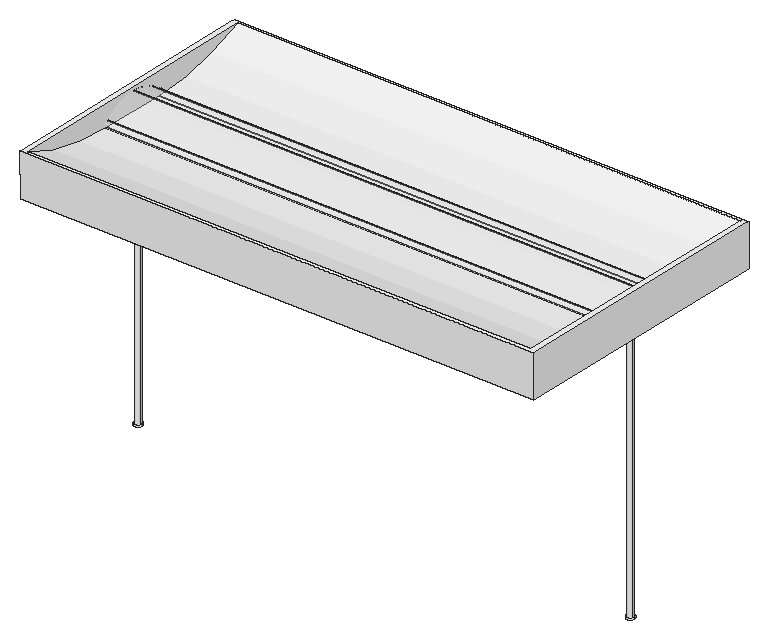
Revit family "LCAT-CM", category Lighting Fixtures, host Face, Revit 2012
Parameters (values of type "LCAT-CM-24")
  zz Length = Row Length - 0.083333 ft  # 3.916667 ft
  Width = 2.083333 ft
  Warranty = "Five year warranty"  # constant formula
  Voltage = 120 V
  Suspension Height = 2.000 ft
  Wattage Comments = "40-80 W"  # constant formula
  URL = "http://www.columbialighting.com/"
  Product Page URL = "http://www.columbialighting.com/products/lcat"
  Product Documentation Link = "http://cdn.columbialighting.com/content/products/specs/specs_files/lcat24.pdf"
  Photometric Web = Web LCAT : LCAT24-35LWG-EDU
  Model = "LCAT-CM-24"
  Manufacturer Phone = "(864)-678-1000"  # constant formula
  Manufacturer Fax = "(866)-898-1065"  # constant formula
  Manufacturer = "Columbia Lighting"  # constant formula
  Row Length = 4.000 ft
  Load Classification = Lighting
  Lamp = "LED Lamp"  # constant formula
  Light Bulb = Hubbell - White Glass
  Description = "LCAT provides both design and value with an architectural appearance, LED technology to reduce maintenance and a wide range of options for classrooms, offices, retail and health care applications"  # constant formula
  Default Elevation = 4.000 ft
  Backbox = Hubbell - White
  Apparent Load = 0 VA
Types (4, lengths in ft): name | zz Length | Width | Product Documentation Link | Photometric Web | Model | Row Length | Load Classification
  (no name) | 3.916667 | 2.083333 | "http://cdn.columbialighting.com/content/products/specs/specs_files/lcat24.pdf" | Web LCAT : LCAT24-35LWG-EDU | "LCAT-CM-24" | 4.000 | Lighting
  LCAT-CM-14 | 3.916667 | 1.000 | "http://cdn.columbialighting.com/content/products/specs/specs_files/lcat14.pdf" | Web LCAT : LCAT14-30HLG-EDU | "LCAT-CM-14" | 4.000 | Lighting
  LCAT-CM-22 | 1.916667 | 1.979167 | "http://cdn.columbialighting.com/content/products/specs/specs_files/lcat22.pdf" | Web LCAT : LCAT22-50HLG-EDU | "LCAT-CM-22" | 2.000 | Other
  LCAT-CM-24 | 3.916667 | 2.083333 | "http://cdn.columbialighting.com/content/products/specs/specs_files/lcat24.pdf" | Web LCAT : LCAT24-35LWG-EDU | "LCAT-CM-24" | 4.000 | Lighting
Reference planes (ft)
  plane 1 "Center (Front/Back)": y = 0.003333
  plane 2: z = 0
  plane 3 "Center (Left/Right)": x = 0.13912
  plane 4: x = -1.86088
  plane 5: x = 2.13912
  plane 6: z = 2
  plane 7: x = -1.777546
  plane 8: x = 2.055787
Forms (ft)
  Revolve 1, solid, material "Hubbell - White" <- "Backbox"
    sketch origin (0, 0.003333, 0) x (1, 0, 0) y (0, 0, 1)
      loop
        line (-1.777546, 2) -> (-1.777546, 0) -> (-1.747546, 0) -> (-1.747546, 0.008333) -> (-1.757546, 0.008333) -> (-1.757546, 1.991667) -> (-1.747546, 1.991667) -> (-1.747546, 2) -> (-1.777546, 2)
      axis (-1.777546, 2) -> (-1.777546, 0)
    angle from 0 to 360
  Revolve 2, solid, material "Hubbell - White" <- "Backbox"
    sketch origin (0, 0.003333, 0) x (1, 0, 0) y (0, 0, 1)
      loop
        line (2.055787, 2) -> (2.055787, 0) -> (2.085787, 0) -> (2.085787, 0.008333) -> (2.075787, 0.008333) -> (2.075787, 1.991667) -> (2.085787, 1.991667) -> (2.085787, 2) -> (2.055787, 2)
      axis (2.055787, 2) -> (2.055787, 0)
    angle from 0 to 360
Dimensions and locks (ft)
  equal spacing: plane 5, plane 3 "Center (Left/Right)", plane 4
  "Suspension Height": plane 6 to level
  equal spacing: plane 8, plane 3 "Center (Left/Right)", plane 7
  locked: plane 7 to plane 4 at 0.083333
  "Row Length": plane 5 to plane 4
  locked: Revolve 1 sketch curve to level at 0.008333
  locked: plane 6 to Revolve 2 sketch curve at 0.008333
  locked: plane 8 to Revolve 2 sketch curve at 0.02
  locked: Revolve 2 sketch curve to Revolve 2 sketch curve at 0.03
  locked: plane 8 to Revolve 2 sketch curve at 0.03
  locked: Revolve 2 sketch curve to plane 2 at 0.008333
  locked: Revolve 1 sketch curve to plane 7 at 0.02
  Revolve 1 sketch curve to plane 2 = 0.008333 ft
  locked: plane 7 to Revolve 1 sketch curve at 0.03
  locked: Revolve 1 sketch curve to plane 7 at 0.03
  aligned and locked: plane 2 to host face
  aligned and locked: level to host face
  aligned and locked: Revolve 1 sketch curve to plane 7
  aligned and locked: Revolve 1 sketch curve to plane 6
  aligned and locked: host face to Revolve 1 sketch curve
  aligned and locked: Revolve 1 sketch curve to Revolve 1 sketch curve
  aligned and locked: Revolve 2 sketch curve to Revolve 2 sketch curve
  aligned and locked: plane 8 to Revolve 2 sketch curve
  aligned and locked: plane 3 "Center (Left/Right)" to nested 1
  aligned and locked: plane 1 "Center (Front/Back)" to nested 1
  aligned and locked: plane 3 "Center (Left/Right)" to nested 2
  aligned and locked: plane 1 "Center (Front/Back)" to nested 2
  aligned and locked: plane 2 to Revolve 2 sketch curve
  aligned and locked: Revolve 2 sketch curve to plane 6
Automatic sketch dimensions
  host sketch curve to host sketch curve = 8.000 ft  (x2)
  Revolve 1 sketch curve to plane 6 = 0.008333 ft
  Revolve 1 sketch curve to level = 0.666667 ft
  Revolve 1 sketch curve to Revolve 1 sketch curve = 0.208333 ft
  plane 8 to Revolve 2 sketch curve = 0.000 ft
  Revolve 2 sketch curve to Revolve 2 sketch curve = 0.666667 ft
  Revolve 2 sketch curve to Revolve 2 sketch curve = 0.208333 ft
Nested families (ft)
  nested 1: "LED Contemporary Architectural Troffer" at (0.13912, 0.003333, 2), Glass <- "Light Bulb", Finish <- "Backbox", Row Length <- "Row Length", Width <- "Width", type "LED Contemporary Architectural Troffer"
    with Width 2.083333 ft, Row Length 4.000 ft, Height 0.333333 ft, Glass Hubbell - White Glass, Finish Hubbell - White
  nested 2: "Web LCAT" at (0.142453, 0.023246, 2.166667) x (0, 1, 0) z (0, 0, 1), type <- "Photometric Web", type "LCAT24-35LWG-EDU"
Connectors (ft)
  electrical at (2.055787, 0.003333, 2), driven by "Voltage", driven by "Description", driven by "Apparent Load", driven by "Load Classification"
    settings: on Revolve 2, index 1, voltage 120 V, apparent load 0 VA, apparent load phase1 0 VA, apparent load phase2 0 VA, apparent load phase3 0 VA, power factor 1, load classification "Lighting", number of poles 1, system type 30, power factor state 1, is connector primary yes, connector utility no, sub classification motor no, connector description "LCAT provides both design and value with an architectural appearance, LED technology to reduce maintenance and a wide range of options for classrooms, offices, retail and health care applications"
Definition of nested family "LED Contemporary Architectural Troffer"
  Parameters (values of type "LED Contemporary Architectural Troffer")
    Width [instance] = 2.000 ft
    Row Length [instance] = 2.000 ft
    Height [instance] = 0.333333 ft
    Glass [instance] = none
    Finish [instance] = none
    Default Elevation = 4.000 ft
  Reference planes (ft)
    plane 1 "Center (Front/Back)": y = 0
    plane 2: z = 0
    plane 3 "Center (Left/Right)": x = 0
    plane 4: x = 1
    plane 5: x = -1
    plane 6: y = -1
    plane 7: y = 1
    plane 8: z = 0.333333
    plane 9: x = -0.958333
    plane 10: x = 0.958333
    plane 11: y = -0.25
    plane 12: y = 0.25
    plane 13: z = 0.166667
    plane 14: y = -0.979167
    plane 15: y = 0.979167
    plane 16: z = 0.020833
  Forms (ft)
    Extrusion 1, solid
      sketch origin (0, 0, 0) x (1, 0, 0) y (0, 1, 0)
        loop
          line (-4, 4) -> (-4, -4) -> (4, -4) -> (4, 4) -> (-4, 4)
      from 0 to -1
    Extrusion 2, solid, material <- "Glass"
      sketch origin (0, 0, 0) x (0, 1, 0) y (0, 0, 1)
        loop
          arc (-0.25045, 0.166667) -> (-0.271283, 0.1875) -> (-0.25045, 0.208333) r 0.020833
          arc (-0.25045, 0.208333) -> (-0.135194, 0.283596) -> (0, 0.309496) r 0.355919
          arc (0, 0.309496) -> (0.135194, 0.283596) -> (0.25045, 0.208333) r 0.355919
          arc (0.25045, 0.208333) -> (0.271283, 0.1875) -> (0.25045, 0.166667) r 0.020833
          line (0.25045, 0.166667) -> (0.25045, 0.158186)
          arc (0.25045, 0.158186) -> (0.279683, 0.187419) -> (0.25045, 0.216651) r 0.029233
          arc (0.25045, 0.216651) -> (0.134867, 0.290829) -> (0, 0.316769) r 0.363081
          arc (0, 0.316769) -> (-0.134867, 0.290829) -> (-0.25045, 0.216651) r 0.363081
          arc (-0.25045, 0.216651) -> (-0.279683, 0.187419) -> (-0.25045, 0.158186) r 0.029233
          line (-0.25045, 0.158186) -> (-0.25045, 0.166667)
      from -0.958333 to 0.958333
    Extrusion 3, solid, material <- "Finish"
      sketch origin (0, 0, 0) x (0, 1, 0) y (0, 0, 1)
        loop
          line (-1, 0.333333) -> (-1, 0) -> (1, 0) -> (1, 0.333333) -> (-1, 0.333333)
      from 0.958333 to 1
    Extrusion 4, solid, material <- "Finish"
      sketch origin (0, 0, 0) x (0, 1, 0) y (0, 0, 1)
        loop
          line (1, 0.333333) -> (-1, 0.333333) -> (-1, 0) -> (1, 0) -> (1, 0.333333)
      from -1 to -0.958333
    Extrusion 5, solid, material <- "Finish"
      sketch origin (0, 0, 0) x (0, 1, 0) y (0, 0, 1)
        loop
          line (-1, 0) -> (1, 0) -> (1, 0.333333) -> (0.979167, 0.333333) -> (0.979167, 0.020833) -> (-0.979167, 0.020833) -> (-0.979167, 0.333333) -> (-1, 0.333333) -> (-1, 0)
      from -0.958333 to 0.958333
    Extrusion 6, solid, material <- "Finish"
      sketch origin (0, 0, 0) x (0, 1, 0) y (0, 0, 1)
        loop
          arc (-0.25, 0.166667) -> (-0.623986, 0.208864) -> (-0.979167, 0.333333) r 1.678385
          line (-0.979167, 0.333333) -> (-0.979167, 0.020833) -> (0.979167, 0.020833) -> (0.979167, 0.333333)
          arc (0.979167, 0.333333) -> (0.623986, 0.208864) -> (0.25, 0.166667) r 1.678385
          line (0.25, 0.166667) -> (-0.25, 0.166667)
      from -1 to 1
  Cuts and joins
    joined: Extrusion 3, Extrusion 4, Extrusion 5, Extrusion 6
  Dimensions and locks (ft)
    equal spacing: plane 4, plane 3 "Center (Left/Right)", plane 5
    "Row Length": plane 4 to plane 5
    equal spacing: plane 6, plane 1 "Center (Front/Back)", plane 7
    "Width": plane 6 to plane 7
    "Height": plane 8 to plane 2
    equal spacing: plane 10, plane 3 "Center (Left/Right)", plane 9
    locked: plane 9 to plane 5 at 0.041667
    equal spacing: plane 11, plane 1 "Center (Front/Back)", plane 12
    locked: plane 11 to plane 1 "Center (Front/Back)" at 0.25
    locked: plane 6 to plane 14 at 0.020833
    equal spacing: plane 14, plane 1 "Center (Front/Back)", plane 15
    locked: plane 16 to level at 0.020833
    level to Extrusion 5 = 0.333333 ft
    aligned and locked: plane 2 to Extrusion 1
    aligned and locked: level to Extrusion 1
    aligned and locked: Extrusion 2 to plane 10
    aligned and locked: Extrusion 2 to plane 9
    aligned and locked: plane 8 to Extrusion 3 sketch curve
    aligned and locked: plane 6 to Extrusion 3 sketch curve
    aligned and locked: level to Extrusion 3 sketch curve
    aligned and locked: Extrusion 3 sketch curve to plane 7
    aligned and locked: plane 4 to Extrusion 3
    aligned and locked: plane 10 to Extrusion 3
    aligned and locked: Extrusion 4 sketch curve to Extrusion 3  (x4)
    aligned and locked: Extrusion 4 to plane 5
    aligned and locked: plane 9 to Extrusion 4
    aligned and locked: Extrusion 5 sketch curve to Extrusion 3  (x4)
    aligned and locked: plane 8 to Extrusion 5 sketch curve
    aligned and locked: Extrusion 5 sketch curve to plane 14
    aligned and locked: plane 16 to Extrusion 5 sketch curve
    aligned and locked: Extrusion 5 sketch curve to plane 15
    aligned and locked: Extrusion 5 to plane 10
    aligned and locked: Extrusion 5 to plane 9
    aligned and locked: plane 13 to Extrusion 6 sketch curve
    aligned and locked: plane 12 to Extrusion 6 sketch curve
    aligned and locked: plane 11 to Extrusion 6 sketch curve
    aligned and locked: Extrusion 6 sketch curve to plane 14
    aligned and locked: plane 16 to Extrusion 6 sketch curve
    aligned and locked: Extrusion 6 sketch curve to plane 15
    aligned and locked: plane 4 to Extrusion 6
    aligned and locked: Extrusion 6 to plane 5
  Automatic sketch dimensions
    Extrusion 1 sketch curve to Extrusion 1 sketch curve = 8.000 ft  (x2)
    plane 13 to Extrusion 2 sketch curve = 0.000 ft  (x2)
    Extrusion 2 sketch curve to plane 1 "Center (Front/Back)" = 0.000 ft  (x2)
    plane 1 "Center (Front/Back)" to Extrusion 2 sketch curve = 0.000094 ft
    Extrusion 2 sketch curve to Extrusion 2 sketch curve = 0.0018 ft  (x2)
    Extrusion 2 sketch curve to plane 11 = 0.00045 ft
    Extrusion 2 sketch curve to plane 1 "Center (Front/Back)" = 0.000094 ft
    Extrusion 2 sketch curve to plane 12 = 0.00045 ft
    plane 13 to Extrusion 2 sketch curve = 0.008481 ft  (x2)
    Extrusion 2 sketch curve to level = 0.046313 ft
    Extrusion 2 sketch curve to Extrusion 2 sketch curve = 0.000 ft
    Extrusion 2 sketch curve to Extrusion 2 sketch curve = 0.000105 ft  (x2)
    Extrusion 2 sketch curve to Extrusion 2 sketch curve = 0.020752 ft
    Extrusion 2 sketch curve to Extrusion 2 sketch curve = 0.000081 ft
    plane 8 to Extrusion 6 sketch curve = 0.000 ft  (x2)
Definition of nested family "Web LCAT"
  Parameters (values of type "LCAT24-50XLG-EDU")
    Wattage Comments = ""
    Wattage = 80 W
    built-in parameter 1150110 = 1 (stored number, unit not read)
    URL = ""
    built-in parameter 1114217 = 1 (stored number, unit not read)
    Tilt Angle = 90.00°
    built-in parameter 1150109 = 1 (stored number, unit not read)
    built-in parameter 1150134 = 2
    built-in parameter 1150113 = 1 (stored number, unit not read)
    Product Page URL = ""
    Product Documentation Link = ""
    Photometric Web File = "LCAT24-50XLG-EDU.ies"
    Model = ""
    Manufacturer Phone = ""
    Manufacturer Fax = ""
    Manufacturer = ""
    built-in parameter 1150105 = 585.69 (stored number, unit not read)
    Lumens = 7360 lm
    built-in parameter 1150115 = 1 (stored number, unit not read)
    built-in parameter 1150137 = (empty or 0)
    built-in parameter 1150139 = (empty or 0)
    built-in parameter 1150112 = 1 (stored number, unit not read)
    built-in parameter 1150114 = 1 (stored number, unit not read)
    Lamp = ""
    built-in parameter 1150132 = (empty or 0)
    built-in parameter 1150102 = (empty or 0)
    built-in parameter 1150107 = 5000 (stored number, unit not read)
    built-in parameter 1150138 = (empty or 0)
    built-in parameter 1150106 = 5.8569 (stored number, unit not read)
    Emit from Rectangle Width = 0.500 ft
    Emit from Rectangle Length = 3.916667 ft
    Emit Shape Visible in Rendering = no
    built-in parameter 1150104 = 8.5471 (stored number, unit not read)
    Dimming Lamp Color Temperature Shift = (empty or 0)
    Description = ""
    Default Elevation = 4.000 ft
    Color Filter = 16777215
    built-in parameter 1114218 = 1 (stored number, unit not read)
    built-in parameter 1150133 = 10 (stored number, unit not read)
  Types (52, lengths in ft): name | Wattage | built-in parameter 1150134 | Photometric Web File | built-in parameter 1150105 | Lumens | built-in parameter 1150107 | built-in parameter 1150106 | Emit from Rectangle Length | built-in parameter 1150104
    LCAT14-30HLG-EDU | 49 W | (empty or 0) | "LCAT14-30HLG-EDU.ies" | 382.13 (stored number, unit not read) | 4802 lm | 3000 (stored number, unit not read) | 3.8213 (stored number, unit not read) | 3.916667 | 9.1045 (stored number, unit not read)
    LCAT14-30LWG-EDU | 40 W | (empty or 0) | "LCAT14-30LWG-EDU.ies" | 321.49 (stored number, unit not read) | 4040 lm | 3000 (stored number, unit not read) | 3.2149 (stored number, unit not read) | 3.916667 | 9.3832 (stored number, unit not read)
    LCAT14-30MLG-EDU | 40 W | (empty or 0) | "LCAT14-30MLG-EDU.ies" | 337.41 (stored number, unit not read) | 4240 lm | 3000 (stored number, unit not read) | 3.3741 (stored number, unit not read) | 3.916667 | 9.8477 (stored number, unit not read)
    LCAT14-30VLG-EDU | 65 W | (empty or 0) | "LCAT14-30VLG-EDU.ies" | 506.91 (stored number, unit not read) | 6370 lm | 3000 (stored number, unit not read) | 5.0691 (stored number, unit not read) | 3.916667 | 9.1045 (stored number, unit not read)
    LCAT14-35HLG-EDU | 49 W | (empty or 0) | "LCAT14-35HLG-EDU.ies" | 382.13 (stored number, unit not read) | 4802 lm | 3500 (stored number, unit not read) | 3.8213 (stored number, unit not read) | 3.916667 | 9.1045 (stored number, unit not read)
    LCAT14-35LWG-EDU | 40 W | (empty or 0) | "LCAT14-35LWG-EDU.ies" | 321.49 (stored number, unit not read) | 4040 lm | 3500 (stored number, unit not read) | 3.2149 (stored number, unit not read) | 3.916667 | 9.3832 (stored number, unit not read)
    LCAT14-35MLG-EDU | 40 W | (empty or 0) | "LCAT14-35MLG-EDU.ies" | 337.41 (stored number, unit not read) | 4240 lm | 3500 (stored number, unit not read) | 3.3741 (stored number, unit not read) | 3.916667 | 9.8477 (stored number, unit not read)
    LCAT14-35VLG-EDU | 65 W | (empty or 0) | "LCAT14-35VLG-EDU.ies" | 506.91 (stored number, unit not read) | 6370 lm | 3500 (stored number, unit not read) | 5.0691 (stored number, unit not read) | 3.916667 | 9.1045 (stored number, unit not read)
    LCAT14-40HLG-EDU | 49 W | 12 | "LCAT14-40HLG-EDU.ies" | 382.13 (stored number, unit not read) | 4802 lm | 4000 (stored number, unit not read) | 3.8213 (stored number, unit not read) | 3.916667 | 9.1045 (stored number, unit not read)
    LCAT14-40LWG-EDU | 40 W | 12 | "LCAT14-40LWG-EDU.ies" | 321.49 (stored number, unit not read) | 4040 lm | 4000 (stored number, unit not read) | 3.2149 (stored number, unit not read) | 3.916667 | 9.3832 (stored number, unit not read)
    LCAT14-40MLG-EDU | 40 W | 12 | "LCAT14-40MLG-EDU.ies" | 337.41 (stored number, unit not read) | 4240 lm | 4000 (stored number, unit not read) | 3.3741 (stored number, unit not read) | 3.916667 | 9.8477 (stored number, unit not read)
    LCAT14-40VLG-EDU | 65 W | 12 | "LCAT14-40VLG-EDU.ies" | 506.91 (stored number, unit not read) | 6370 lm | 4000 (stored number, unit not read) | 5.0691 (stored number, unit not read) | 3.916667 | 9.1045 (stored number, unit not read)
    LCAT14-50HLG-EDU | 49 W | 2 | "LCAT14-50HLG-EDU.ies" | 382.13 (stored number, unit not read) | 4802 lm | 5000 (stored number, unit not read) | 3.8213 (stored number, unit not read) | 3.916667 | 9.1045 (stored number, unit not read)
    LCAT14-50LWG-EDU | 40 W | 2 | "LCAT14-50LWG-EDU.ies" | 321.49 (stored number, unit not read) | 4040 lm | 5000 (stored number, unit not read) | 3.2149 (stored number, unit not read) | 3.916667 | 9.3832 (stored number, unit not read)
    LCAT14-50MLG-EDU | 40 W | 2 | "LCAT14-50MLG-EDU.ies" | 337.41 (stored number, unit not read) | 4240 lm | 5000 (stored number, unit not read) | 3.3741 (stored number, unit not read) | 3.916667 | 9.8477 (stored number, unit not read)
    LCAT14-50VLG-EDU | 65 W | 2 | "LCAT14-50VLG-EDU.ies" | 506.91 (stored number, unit not read) | 6370 lm | 5000 (stored number, unit not read) | 5.0691 (stored number, unit not read) | 3.916667 | 9.1045 (stored number, unit not read)
    LCAT22-30HLG-EDU | 49 W | (empty or 0) | "LCAT22-30HLG-EDU.ies" | 382.13 (stored number, unit not read) | 4802 lm | 3000 (stored number, unit not read) | 3.8213 (stored number, unit not read) | 1.916667 | 9.1045 (stored number, unit not read)
    LCAT22-30LWG-EDU | 40 W | (empty or 0) | "LCAT22-30LWG-EDU.ies" | 321.49 (stored number, unit not read) | 4040 lm | 3000 (stored number, unit not read) | 3.2149 (stored number, unit not read) | 1.916667 | 9.3832 (stored number, unit not read)
    LCAT22-30MLG-EDU | 40 W | (empty or 0) | "LCAT22-30MLG-EDU.ies" | 337.41 (stored number, unit not read) | 4240 lm | 3000 (stored number, unit not read) | 3.3741 (stored number, unit not read) | 1.916667 | 9.8477 (stored number, unit not read)
    LCAT22-30VLG-EDU | 65 W | (empty or 0) | "LCAT22-30VLG-EDU.ies" | 506.91 (stored number, unit not read) | 6370 lm | 3000 (stored number, unit not read) | 5.0691 (stored number, unit not read) | 1.916667 | 9.1045 (stored number, unit not read)
    LCAT22-35HLG-EDU | 49 W | (empty or 0) | "LCAT22-35HLG-EDU.ies" | 382.13 (stored number, unit not read) | 4802 lm | 3500 (stored number, unit not read) | 3.8213 (stored number, unit not read) | 1.916667 | 9.1045 (stored number, unit not read)
    LCAT22-35LWG-EDU | 40 W | (empty or 0) | "LCAT22-35LWG-EDU.ies" | 321.49 (stored number, unit not read) | 4040 lm | 3500 (stored number, unit not read) | 3.2149 (stored number, unit not read) | 1.916667 | 9.3832 (stored number, unit not read)
    LCAT22-35MLG-EDU | 40 W | (empty or 0) | "LCAT22-35MLG-EDU.ies" | 337.41 (stored number, unit not read) | 4240 lm | 3500 (stored number, unit not read) | 3.3741 (stored number, unit not read) | 1.916667 | 9.8477 (stored number, unit not read)
    LCAT22-35VLG-EDU | 65 W | (empty or 0) | "LCAT22-35VLG-EDU.ies" | 506.91 (stored number, unit not read) | 6370 lm | 3500 (stored number, unit not read) | 5.0691 (stored number, unit not read) | 1.916667 | 9.1045 (stored number, unit not read)
    LCAT22-40HLG-EDU | 49 W | 12 | "LCAT22-40HLG-EDU.ies" | 382.13 (stored number, unit not read) | 4802 lm | 4000 (stored number, unit not read) | 3.8213 (stored number, unit not read) | 1.916667 | 9.1045 (stored number, unit not read)
    LCAT22-40LWG-EDU | 40 W | 12 | "LCAT22-40LWG-EDU.ies" | 321.49 (stored number, unit not read) | 4040 lm | 4000 (stored number, unit not read) | 3.2149 (stored number, unit not read) | 1.916667 | 9.3832 (stored number, unit not read)
    LCAT22-40MLG-EDU | 40 W | 12 | "LCAT22-40MLG-EDU.ies" | 337.41 (stored number, unit not read) | 4240 lm | 4000 (stored number, unit not read) | 3.3741 (stored number, unit not read) | 1.916667 | 9.8477 (stored number, unit not read)
    LCAT22-40VLG-EDU | 65 W | 12 | "LCAT22-40VLG-EDU.ies" | 506.91 (stored number, unit not read) | 6370 lm | 4000 (stored number, unit not read) | 5.0691 (stored number, unit not read) | 1.916667 | 9.1045 (stored number, unit not read)
    LCAT22-50HLG-EDU | 49 W | 2 | "LCAT22-50HLG-EDU.ies" | 382.13 (stored number, unit not read) | 4802 lm | 5000 (stored number, unit not read) | 3.8213 (stored number, unit not read) | 1.916667 | 9.1045 (stored number, unit not read)
    LCAT22-50LWG-EDU | 40 W | 2 | "LCAT22-50LWG-EDU.ies" | 321.49 (stored number, unit not read) | 4040 lm | 5000 (stored number, unit not read) | 3.2149 (stored number, unit not read) | 1.916667 | 9.3832 (stored number, unit not read)
    LCAT22-50MLG-EDU | 40 W | 2 | "LCAT22-50MLG-EDU.ies" | 337.41 (stored number, unit not read) | 4240 lm | 5000 (stored number, unit not read) | 3.3741 (stored number, unit not read) | 1.916667 | 9.8477 (stored number, unit not read)
    LCAT22-50VLG-EDU | 65 W | 2 | "LCAT22-50VLG-EDU.ies" | 506.91 (stored number, unit not read) | 6370 lm | 5000 (stored number, unit not read) | 5.0691 (stored number, unit not read) | 1.916667 | 9.1045 (stored number, unit not read)
    LCAT24-30HLG-EDU | 49 W | (empty or 0) | "LCAT24-30HLG-EDU.ies" | 382.13 (stored number, unit not read) | 4802 lm | 3000 (stored number, unit not read) | 3.8213 (stored number, unit not read) | 3.916667 | 9.1045 (stored number, unit not read)
    LCAT24-30LWG-EDU | 40 W | (empty or 0) | "LCAT24-30LWG-EDU.ies" | 321.49 (stored number, unit not read) | 4040 lm | 3000 (stored number, unit not read) | 3.2149 (stored number, unit not read) | 3.916667 | 9.3832 (stored number, unit not read)
    LCAT24-30MLG-EDU | 40 W | (empty or 0) | "LCAT24-30MLG-EDU.ies" | 337.41 (stored number, unit not read) | 4240 lm | 3000 (stored number, unit not read) | 3.3741 (stored number, unit not read) | 3.916667 | 9.8477 (stored number, unit not read)
    LCAT24-30VLG-EDU | 65 W | (empty or 0) | "LCAT24-30VLG-EDU.ies" | 506.91 (stored number, unit not read) | 6370 lm | 3000 (stored number, unit not read) | 5.0691 (stored number, unit not read) | 3.916667 | 9.1045 (stored number, unit not read)
    LCAT24-30XLG-EDU | 80 W | (empty or 0) | "LCAT24-30XLG-EDU.ies" | 585.69 (stored number, unit not read) | 7360 lm | 3000 (stored number, unit not read) | 5.8569 (stored number, unit not read) | 3.916667 | 8.5471 (stored number, unit not read)
    LCAT24-35HLG-EDU | 49 W | (empty or 0) | "LCAT24-35HLG-EDU.ies" | 382.13 (stored number, unit not read) | 4802 lm | 3500 (stored number, unit not read) | 3.8213 (stored number, unit not read) | 3.916667 | 9.1045 (stored number, unit not read)
    LCAT24-35LWG-EDU | 40 W | (empty or 0) | "LCAT24-35LWG-EDU.ies" | 321.49 (stored number, unit not read) | 4040 lm | 3500 (stored number, unit not read) | 3.2149 (stored number, unit not read) | 3.916667 | 9.3832 (stored number, unit not read)
    LCAT24-35MLG-EDU | 40 W | (empty or 0) | "LCAT24-35MLG-EDU.ies" | 337.41 (stored number, unit not read) | 4240 lm | 3500 (stored number, unit not read) | 3.3741 (stored number, unit not read) | 3.916667 | 9.8477 (stored number, unit not read)
    LCAT24-35VLG-EDU | 65 W | (empty or 0) | "LCAT24-35VLG-EDU.ies" | 506.91 (stored number, unit not read) | 6370 lm | 3500 (stored number, unit not read) | 5.0691 (stored number, unit not read) | 3.916667 | 9.1045 (stored number, unit not read)
    LCAT24-35XLG-EDU | 80 W | (empty or 0) | "LCAT24-35XLG-EDU.ies" | 585.69 (stored number, unit not read) | 7360 lm | 3500 (stored number, unit not read) | 5.8569 (stored number, unit not read) | 3.916667 | 8.5471 (stored number, unit not read)
    LCAT24-40HLG-EDU | 49 W | 12 | "LCAT24-40HLG-EDU.ies" | 382.13 (stored number, unit not read) | 4802 lm | 4000 (stored number, unit not read) | 3.8213 (stored number, unit not read) | 3.916667 | 9.1045 (stored number, unit not read)
    LCAT24-40LWG-EDU | 40 W | 12 | "LCAT24-40LWG-EDU.ies" | 321.49 (stored number, unit not read) | 4040 lm | 4000 (stored number, unit not read) | 3.2149 (stored number, unit not read) | 3.916667 | 9.3832 (stored number, unit not read)
    LCAT24-40MLG-EDU | 40 W | 12 | "LCAT24-40MLG-EDU.ies" | 337.41 (stored number, unit not read) | 4240 lm | 4000 (stored number, unit not read) | 3.3741 (stored number, unit not read) | 3.916667 | 9.8477 (stored number, unit not read)
    LCAT24-40VLG-EDU | 65 W | 12 | "LCAT24-40VLG-EDU.ies" | 506.91 (stored number, unit not read) | 6370 lm | 4000 (stored number, unit not read) | 5.0691 (stored number, unit not read) | 3.916667 | 9.1045 (stored number, unit not read)
    LCAT24-40XLG-EDU | 80 W | 12 | "LCAT24-40XLG-EDU.ies" | 585.69 (stored number, unit not read) | 7360 lm | 4000 (stored number, unit not read) | 5.8569 (stored number, unit not read) | 3.916667 | 8.5471 (stored number, unit not read)
    LCAT24-50HLG-EDU | 49 W | 2 | "LCAT24-50HLG-EDU.ies" | 382.13 (stored number, unit not read) | 4802 lm | 5000 (stored number, unit not read) | 3.8213 (stored number, unit not read) | 3.916667 | 9.1045 (stored number, unit not read)
    LCAT24-50LWG-EDU | 40 W | 2 | "LCAT24-50LWG-EDU.ies" | 321.49 (stored number, unit not read) | 4040 lm | 5000 (stored number, unit not read) | 3.2149 (stored number, unit not read) | 3.916667 | 9.3832 (stored number, unit not read)
    LCAT24-50MLG-EDU | 40 W | 2 | "LCAT24-50MLG-EDU.ies" | 337.41 (stored number, unit not read) | 4240 lm | 5000 (stored number, unit not read) | 3.3741 (stored number, unit not read) | 3.916667 | 9.8477 (stored number, unit not read)
    LCAT24-50VLG-EDU | 65 W | 2 | "LCAT24-50VLG-EDU.ies" | 506.91 (stored number, unit not read) | 6370 lm | 5000 (stored number, unit not read) | 5.0691 (stored number, unit not read) | 3.916667 | 9.1045 (stored number, unit not read)
    LCAT24-50XLG-EDU | 80 W | 2 | "LCAT24-50XLG-EDU.ies" | 585.69 (stored number, unit not read) | 7360 lm | 5000 (stored number, unit not read) | 5.8569 (stored number, unit not read) | 3.916667 | 8.5471 (stored number, unit not read)
  Reference planes (ft)
    plane 1 "Center (Front/Back)": y = 0.003333
    plane 2: z = 0
    plane 3 "Center (Left/Right)": x = -0.019913
  Forms (ft)
    Extrusion 1, solid
      sketch origin (0, 0, 0.005297) x (1, 0, 0) y (0, 1, 0)
        loop
          line (-4, 4) -> (-4, -4) -> (4, -4) -> (4, 4) -> (-4, 4)
      from -0.005297 to -1.478638
  Lines and regions (ft)
    reference lines
      curve 1: line (-0.019913, 0.003333, 1.50954) -> (-0.019913, 0.003333, -1.907127)
      curve 2: line (-0.019913, 0.003333, 2.833333) -> (-0.019913, 0.003333, -1.907127)
  Dimensions and locks (ft)
    aligned and locked: plane 2 to Extrusion 1
    aligned and locked: level to Extrusion 1
    aligned and locked: curve 1 to plane 3 "Center (Left/Right)"
    aligned and locked: plane 1 "Center (Front/Back)" to curve 2
    aligned and locked: imposter light to plane 1 "Center (Front/Back)"
    aligned and locked: imposter light to level
    aligned and locked: plane 3 "Center (Left/Right)" to imposter light
